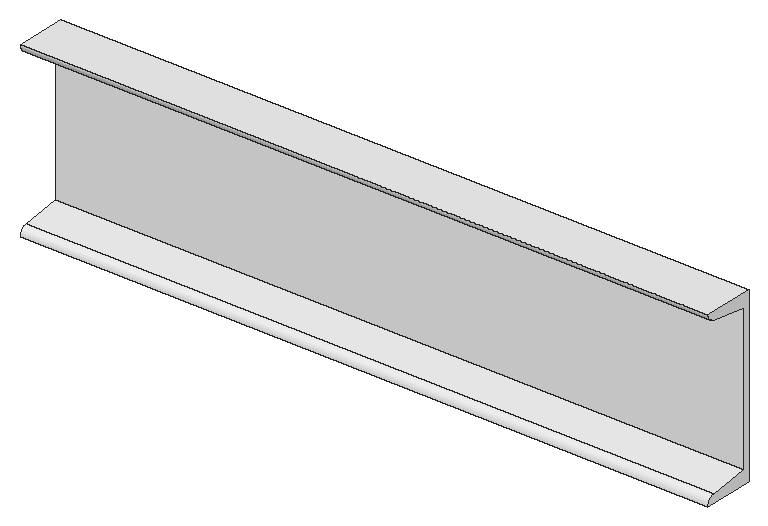
Revit family
Parameters (values of type "C 305x89x41.69")
  시작 확장 계산 [instance] = 3012.5 mm + 시작 확장  # 3000 mm
  시작 확장 [instance] = -12.5 mm
  끝 확장 계산 [instance] = 3012.5 mm + 끝 확장  # 3000 mm
  끝 확장 [instance] = -12.5 mm
  보 재료 [instance] = 금속 - 스틸 - 345 MPa
  Assembly Code = ""
  A = 0.005 m²
  Length [instance] = 1500 mm
  W = 0.41
  bf = 88.9 mm
  d = 304.8 mm
  tf = 14.1 mm
  tw = 10.2 mm
  x = 21.8 mm
Reference planes
  plane 1 "중심(앞/뒤)": y = 0
  plane 2: z = 0
  plane 3 "중심(왼쪽/오른쪽)": x = 4.61
  plane 4 "왼쪽 부재": x = -604.99
  plane 5 "오른쪽 부재": x = 614.21
  plane 6: y = 21.8
  plane 7: y = -67.1
  plane 8 "상단": z = 152.4
  plane 9: z = -152.4
  plane 10 "왼쪽": x = -757.39
  plane 11 "오른쪽": x = 742.61
  plane 12: x = -604.99
  plane 13: x = 614.21
  plane 14: x = 2395.01
  plane 15: x = -2385.79
Forms (mm)
  Sweep 1, solid, material "금속 - 스틸 - 345 MPa" <- "보 재료", detail levels medium
    path origin (0, 0, 0) x (1, 0, 0) y (0, 1, 0)
      loop
        line (614.21, 0) -> (-604.99, 0)
    profile "M_C-채널-프로파일-중간 : M_C-채널-프로파일-중간" origin (4.61, 0, 0) x (0, -1, 0) y (0, 0, 1)
      loop
        line (-21.8, -152.4) -> (67.1, -152.4) -> (67.1, -138.3) -> (-11.6, -125.835) -> (-11.6, 125.835) -> (67.1, 138.3) -> (67.1, 152.4) -> (-21.8, 152.4) -> (-21.8, -152.4)
  Sweep 2, solid, material "금속 - 스틸 - 345 MPa" <- "보 재료", detail levels fine
    path origin (0, 0, 0) x (1, 0, 0) y (0, 1, 0)
      loop
        line (614.21, 0) -> (-604.99, 0)
    profile "M_C-채널-프로파일-섬세 : M_C-채널-프로파일-섬세" origin (4.61, 0, 0) x (0, -1, 0) y (0, 0, 1)
      loop
        line (-21.8, -152.4) -> (67.1, -152.4)
        arc (67.1, -152.4) -> (62.97, -142.43) -> (53, -138.3) r 14.1
        line (53, -138.3) -> (-11.6, -128.068) -> (-11.6, 128.068) -> (53, 138.3)
        arc (53, 138.3) -> (62.97, 142.43) -> (67.1, 152.4) r 14.1
        line (67.1, 152.4) -> (-21.8, 152.4) -> (-21.8, -152.4)
Lines and regions (mm)
  symbolic lines, style "숨겨진 면", detail levels medium+fine
    curve 1: line (-604.99, 0, 0) -> (614.21, 0, 0)
    curve 2: line (-604.99, 4.762, 130.9) -> (614.21, 4.762, 130.9)
    curve 3: line (-604.99, 4.763, -130.9) -> (614.21, 4.763, -130.9)
  symbolic lines, style "기호 부착", detail levels coarse
    curve 4: line (4.61, 21.8, 152.4) -> (4.61, -67.1, 152.4)
    curve 5: line (4.61, 21.8, -152.4) -> (4.61, 21.8, 152.4)
    curve 6: line (4.61, -67.1, -152.4) -> (4.61, 21.8, -152.4)
Dimensions and locks
  "bf": plane 6 to plane 7
  "d": plane 9 to plane 8 "상단"
  "x": plane 6 to plane 1 "중심(앞/뒤)"
  equal spacing: plane 9, plane 2, plane 8 "상단"
  "Length": plane 10 "왼쪽" to plane 11 "오른쪽"
  locked: plane 4 "왼쪽 부재" to plane 14 at 3000
  locked: plane 15 to plane 5 "오른쪽 부재" at 3000
  "시작 확장 계산": plane 12 to plane 14
  "끝 확장 계산": plane 15 to plane 13
  aligned and locked: Sweep 1 sketch curve to plane 1 "중심(앞/뒤)"
  aligned and locked: Sweep 2 sketch curve to plane 1 "중심(앞/뒤)"
  aligned and locked: curve 4 to Sweep 2
  aligned and locked: curve 5 to Sweep 2
  aligned and locked: Sweep 2 to curve 6
  aligned and locked: Sweep 1 to curve 4
  aligned and locked: curve 6 to Sweep 1
  aligned and locked: plane 12 to Sweep 2 sketch curve
  aligned and locked: plane 13 to Sweep 2 sketch curve
  aligned and locked: plane 12 to Sweep 1 sketch curve
  aligned and locked: plane 13 to Sweep 1 sketch curve
  aligned and locked: plane 12 to curve 1
  aligned and locked: plane 13 to curve 1
Automatic sketch dimensions
  curve 1 to plane 1 "중심(앞/뒤)" = 0 mm
  curve 3 to plane 4 "왼쪽 부재" = 0 mm
  curve 2 to plane 4 "왼쪽 부재" = 0 mm
  curve 3 to plane 5 "오른쪽 부재" = 0 mm
  curve 2 to plane 5 "오른쪽 부재" = 0 mm
  curve 3 to plane 9 = 21.5 mm
  plane 8 "상단" to curve 2 = 21.5 mm
